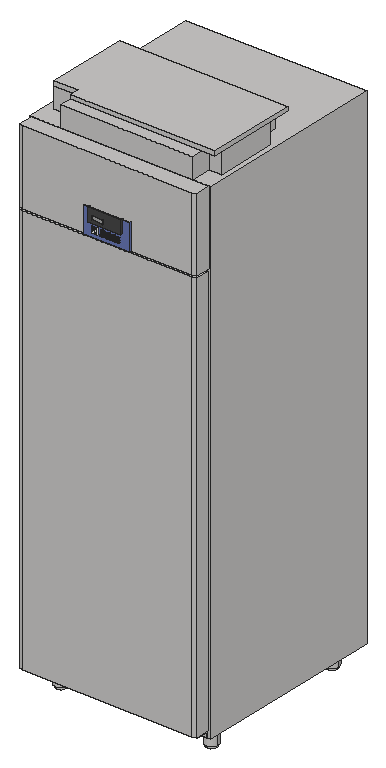
Revit family "QF_ELECTROLUXPROFESSIONAL_727721_TC671DJ2", category Attrezzature speciali, Revit 2021
Family settings
  Quota connettore circolare = Usa diametro
  Tipo di parte = Normale
  Basato su piano di lavoro = No
  Sempre verticale = Sì
  Taglio con vuoti quando caricato = No
  Condiviso = No
  Punto di calcolo locali = No
Parameters (values of type "Standard")
  Weight = 168.00 kg
  Watts = 1730 W
  Volts = 100 V
  URL Manufacturer = "https://www.electroluxprofessional.com/"
  URL = "https://www.electroluxprofessional.com/"
  Steam Supply Size = 0 mm
  Steam Supply Minimum Pressure = 0.0 Pa
  Steam Supply Maximum Pressure = 0.0 Pa
  Steam Consumption per Hour = 0
  Refrigeration Suction Line Size = 0 mm
  Refrigeration Liquid Line Size = 0 mm
  Refrigerant Compressor Remote = yes
  Prospetto di default = 0 mm
  Produttore = "Electrolux Professional"
  Phase = 1
  Modello = "TC671DJ2"
  Length Actual = 710 mm  # constant formula
  Item Number = "727721"
  Hot Water Size = 0 mm
  Height Actual = 2114 mm  # constant formula
  HP = "2.3 HP"
  Gas Size = 0 mm
  Gas KW = 0
  Gas Input Pressure = 0 W
  Direct Waste Size = 12.7 mm
  Descrizione = "1-DOOR THAWING CABINET 670L (KFC JAPAN) – ON FEET"
  Depth Actual = 835 mm  # constant formula
  Cycle = 50 Hz
  Condensate Return Size = 0 mm
  Compressed Air Volume = 0.0 L/s
  Compressed Air Size = 0 mm
  Compressed Air Pressure = 0.0 Pa
  Cold Water Size = 0 mm
  Accessory = yes
Reference planes
  plane 1 "Center (Front/Back)": y = 0
  plane 2: z = 0
  plane 3 "Center (Left/Right)": x = 0
  plane 4 "BASE": z = 77
  plane 5 "TOP": z = 2114
  plane 6 "FRONT": y = -417.5
  plane 7 "BACK": y = 417.5
  plane 8 "LEFT": x = -355
  plane 9 "RIGHT": x = 355
  plane 10: x = -278
  plane 11: y = 345.5
  plane 12: y = -268.5
  plane 13: x = 278
  plane 14 "DrainY": y = -254.5
  plane 15: y = -1062.5
  plane 16: x = -295
  plane 17: x = 295
  plane 18: z = 2019
Forms (mm)
  Extrusion 1, solid, material "QF_Finishes_Stainless Steel"
    sketch origin (0, 0, 77) x (-1, 0, 0) y (0, -1, 0)
      loop
        line (355, -417.5) -> (355, 345.5) -> (-355, 345.5) -> (-355, -417.5) -> (355, -417.5)
    from 0 to 1940
  Extrusion 2, solid
    sketch origin (0, 417.5, 1660) x (-1, 0, 0) y (0, 0, 1)
      loop
        circle (339, 188.035) r 10
    from 0 to 3.2
  Extrusion 3, solid, material "QF_Door-Drawer Clearances", detail levels coarse
    sketch origin (0, 0, 77) x (-1, 0, 0) y (0, -1, 0)
      loop
        line (-345, 409.5) -> (-283, 409.5) -> (-283, 1006.5) -> (-301, 1006.5) -> (-301, 1024.5) -> (-323, 1024.5) -> (-323, 1062.5) -> (-345, 1062.5) -> (-345, 409.5)
    from 1642.965 to 28
  Extrusion 4, solid, material "QF_Door-Drawer Clearances", detail levels coarse
    sketch origin (0, 0, 77) x (-1, 0, 0) y (0, -1, 0)
      loop
        line (-283, 409.5) -> (347, 409.5)
        arc (347, 409.5) -> (150.684, 878.295) -> (-323, 1062.5) r 650
        line (-323, 1062.5) -> (-323, 1024.5) -> (-301, 1024.5) -> (-301, 1006.5) -> (-283, 1006.5) -> (-283, 409.5)
    from 1642.965 to 28
  Extrusion 5, solid, material "QF_Clearances", detail levels coarse
    sketch origin (0, 0, 77) x (-1, 0, 0) y (0, -1, 0)
      loop
        line (355, 417.5) -> (355, -417.5) -> (-355, -417.5) -> (-355, 417.5) -> (-405, 417.5) -> (-405, -467.5) -> (405, -467.5) -> (405, 417.5) -> (355, 417.5)
    from -77 to 1940
  Extrusion 6, void
    sketch origin (0, 417.5, 0) x (-1, 0, 0) y (0, 0, 1)
      loop
        line (280, 1674) -> (-280, 1674) -> (-280, 147) -> (0, 137) -> (280, 146.676) -> (280, 1674)
    from -56 to -763
  Extrusion 7, solid, material "QF_Finishes_Stainless Steel"
    sketch origin (0, 0, 77) x (-1, 0, 0) y (0, -1, 0)
      loop
        circle (0, 254.5) r 7.938
    from 0 to -10
  Extrusion 8, solid, material "QF_Clearances", detail levels coarse
    sketch origin (0, 0, 77) x (-1, 0, 0) y (0, -1, 0)
      loop
        line (405, 417.5) -> (-405, 417.5) -> (-405, -467.5) -> (405, -467.5) -> (405, 417.5)
    from 2240 to 1940
  Extrusion 9, solid, material "QF_Finishes_Stainless Steel"
    sketch origin (0, 0, 2114) x (-1, 0, 0) y (0, -1, 0)
      loop
        line (325, -57.047) -> (325, 265.5) -> (232.757, 265.5) -> (232.757, 299.5) -> (-332.243, 299.5) -> (-332.243, -57.047) -> (325, -57.047)
    from -16.392 to 0
  Extrusion 10, solid, material "QF_Finishes_Stainless Steel"
    sketch origin (0, 0, 2114) x (-1, 0, 0) y (0, -1, 0)
      loop
        line (325, 30) -> (325, 265.5) -> (-332.243, 265.5) -> (-332.243, 30) -> (325, 30)
    from -97 to -16.392
  Extrusion 11, solid, material "QF_Finishes_Stainless Steel"
    sketch origin (0, 0, 2114) x (-1, 0, 0) y (0, -1, 0)
      loop
        line (232.757, -57.047) -> (232.757, 345.5) -> (-283, 345.5) -> (-283, -57.047) -> (232.757, -57.047)
    from -97 to -16.392
Cuts and joins
  Extrusion 6 cuts Extrusion 1
  joined: Extrusion 10, Extrusion 11
Lines and regions (mm)
  symbolic lines, style "SpecialityEquipmentHiddenLines"
    curve 1: line (345, -409.5, 77) -> (345, -1062.5, 77)
    curve 2: line (345, -1062.5, 77) -> (323, -1062.5, 77)
    curve 3: line (283, -409.5, 77) -> (283, -1006.5, 77)
    curve 4: line (323, -1062.5, 77) -> (323, -1024.5, 77)
    curve 5: line (323, -1024.5, 77) -> (301, -1024.5, 77)
    curve 6: line (301, -1024.5, 77) -> (301, -1006.5, 77)
    curve 7: line (301, -1006.5, 77) -> (283, -1006.5, 77)
    curve 8: arc (-347, -409.5, 77) -> (-150.684, -878.295, 77) -> (323, -1062.5, 77) r 650
  symbolic lines, style "QF_Clearances", detail levels coarse
    curve 9: line (-355, -417.5, 2114) -> (-405, -417.5, 2114)
    curve 10: line (-405, -417.5, 2114) -> (-405, 467.5, 2114)
    curve 11: line (-405, 467.5, 2114) -> (405, 467.5, 2114)
    curve 12: line (405, 467.5, 2114) -> (405, -417.5, 2114)
    curve 13: line (405, -417.5, 2114) -> (355, -417.5, 2114)
  symbolic lines
    curve 14: line (355, 417.5, 77) -> (-355, 417.5, 77)
    curve 15: line (355, -299.5, 77) -> (355, 417.5, 77)
    curve 16: line (-355, -299.5, 77) -> (355, -299.5, 77)
    curve 17: line (-355, 417.5, 77) -> (-355, -299.5, 77)
    curve 18: line (-355, -299.5, 0) -> (355, 417.5, 0)
Dimensions and locks
  equal spacing: plane 7 "BACK", plane 1 "Center (Front/Back)", plane 6 "FRONT"
  equal spacing: plane 8 "LEFT", plane 3 "Center (Left/Right)", plane 9 "RIGHT"
  plane 8 "LEFT" to plane 9 "RIGHT" = 710 mm
  plane 7 "BACK" to plane 6 "FRONT" = 835 mm
  plane 5 "TOP" to plane 2 = 2114 mm
  Extrusion 8 to Extrusion 8 = 300 mm
  plane 8 "LEFT" to plane 10 = 77 mm  (x2)
  plane 7 "BACK" to plane 11 = 72 mm
  plane 11 to plane 12 = 614 mm
  plane 13 to plane 9 "RIGHT" = 77 mm
  plane 9 "RIGHT" to plane 13 = 77 mm
  plane 7 "BACK" to plane 11 to plane 12 = 72 mm, 614 mm
  plane 14 "DrainY" to plane 6 "FRONT" = 163 mm
  plane 7 "BACK" to plane 15 = 1480 mm
  plane 4 "BASE" to level = 77 mm
  plane 8 "LEFT" to plane 16 = 60 mm
  plane 17 to plane 9 "RIGHT" = 60 mm
  plane 18 to level = 2019 mm
  aligned and locked: level to plane 2
  aligned and locked: nested 2 to plane 11
  aligned and locked: nested 3 to plane 11
Automatic sketch dimensions
  curve 13 to plane 6 "FRONT" = 0 mm
  curve 13 to plane 9 "RIGHT" = 0 mm
  curve 9 to plane 6 "FRONT" = 0 mm
  curve 9 to plane 8 "LEFT" = 0 mm
  curve 11 to plane 9 "RIGHT" = 50 mm
  curve 9 to curve 10 = 50 mm
  plane 7 "BACK" to curve 11 = 50 mm
  Extrusion 1 sketch curve to plane 7 "BACK" = 0 mm
  Extrusion 1 sketch curve to plane 9 "RIGHT" = 0 mm
  Extrusion 1 sketch curve to plane 8 "LEFT" = 0 mm
  Extrusion 1 sketch curve to plane 12 = 77 mm
  curve 15 to plane 7 "BACK" = 0 mm
  curve 15 to plane 9 "RIGHT" = 0 mm
  curve 2 to plane 15 = 0 mm
  curve 16 to plane 8 "LEFT" = 0 mm
  plane 9 "RIGHT" to curve 2 = 10 mm
  plane 17 to curve 5 = 28 mm
  plane 17 to curve 8 = 7.992 mm
  plane 17 to curve 6 = 6 mm
  plane 13 to curve 7 = 5 mm
  curve 17 to plane 12 = 31 mm
  plane 6 "FRONT" to curve 8 = 4.692 mm
  plane 15 to curve 7 = 56 mm
  curve 6 to curve 6 = 18 mm
  plane 6 "FRONT" to curve 8 = 8 mm
  plane 6 "FRONT" to curve 3 = 8 mm
  plane 6 "FRONT" to curve 1 = 8 mm
  plane 8 "LEFT" to Extrusion 2 sketch curve = 16 mm
  Extrusion 2 sketch curve to plane 18 = 170.965 mm
  Extrusion 3 sketch curve to plane 15 = 0 mm
  plane 9 "RIGHT" to Extrusion 3 sketch curve = 10 mm
  plane 17 to Extrusion 3 sketch curve = 28 mm
  plane 17 to Extrusion 3 sketch curve = 6 mm
  plane 13 to Extrusion 3 sketch curve = 5 mm
  plane 15 to Extrusion 3 sketch curve = 38 mm
  Extrusion 3 sketch curve to Extrusion 3 sketch curve = 18 mm
  plane 6 "FRONT" to Extrusion 3 sketch curve = 8 mm
  Extrusion 4 sketch curve to plane 15 = 0 mm
  plane 17 to Extrusion 4 sketch curve = 28 mm
  plane 6 "FRONT" to Extrusion 4 sketch curve = 4.692 mm
  plane 17 to Extrusion 4 sketch curve = 7.992 mm
  plane 17 to Extrusion 4 sketch curve = 6 mm
  plane 13 to Extrusion 4 sketch curve = 5 mm
  plane 6 "FRONT" to Extrusion 4 sketch curve = 8 mm
  plane 15 to Extrusion 4 sketch curve = 56 mm
  Extrusion 4 sketch curve to Extrusion 4 sketch curve = 18 mm
  Extrusion 5 sketch curve to plane 6 "FRONT" = 0 mm  (x2)
  Extrusion 5 sketch curve to plane 7 "BACK" = 0 mm
  Extrusion 5 sketch curve to plane 9 "RIGHT" = 0 mm
  Extrusion 5 sketch curve to plane 8 "LEFT" = 0 mm
  Extrusion 5 sketch curve to plane 9 "RIGHT" = 50 mm
  Extrusion 5 sketch curve to Extrusion 5 sketch curve = 50 mm
  plane 7 "BACK" to Extrusion 5 sketch curve = 50 mm
  Extrusion 6 sketch curve to plane 3 "Center (Left/Right)" = 0 mm
  plane 13 to Extrusion 6 sketch curve = 2 mm
  plane 10 to Extrusion 6 sketch curve = 2 mm
  plane 4 "BASE" to Extrusion 6 sketch curve = 60 mm
  plane 4 "BASE" to Extrusion 6 sketch curve = 69.676 mm
  plane 4 "BASE" to Extrusion 6 sketch curve = 70 mm
  Extrusion 6 sketch curve to plane 18 = 345 mm
  Extrusion 7 sketch curve to plane 3 "Center (Left/Right)" = 0 mm
  Extrusion 7 sketch curve to plane 14 "DrainY" = 0 mm
  Extrusion 8 sketch curve to plane 6 "FRONT" = 0 mm
  Extrusion 8 sketch curve to plane 9 "RIGHT" = 50 mm
  Extrusion 8 sketch curve to plane 8 "LEFT" = 50 mm
  plane 7 "BACK" to Extrusion 8 sketch curve = 50 mm
  plane 9 "RIGHT" to Extrusion 9 sketch curve = 22.757 mm
  Extrusion 9 sketch curve to plane 10 = 45.243 mm
  plane 8 "LEFT" to Extrusion 9 sketch curve = 30 mm
  Extrusion 9 sketch curve to plane 1 "Center (Front/Back)" = 57.047 mm
  Extrusion 9 sketch curve to plane 14 "DrainY" = 11 mm
  Extrusion 9 sketch curve to plane 12 = 31 mm
  plane 9 "RIGHT" to Extrusion 10 sketch curve = 22.757 mm
  plane 8 "LEFT" to Extrusion 10 sketch curve = 30 mm
  plane 1 "Center (Front/Back)" to Extrusion 10 sketch curve = 30 mm
  Extrusion 10 sketch curve to plane 14 "DrainY" = 11 mm
  plane 9 "RIGHT" to Extrusion 11 sketch curve = 72 mm
  plane 8 "LEFT" to Extrusion 11 sketch curve = 122.243 mm
  Extrusion 11 sketch curve to plane 1 "Center (Front/Back)" = 57.047 mm
  Extrusion 11 sketch curve to plane 14 "DrainY" = 91 mm
  curve 18 to plane 8 "LEFT" = 0 mm
  curve 18 to plane 7 "BACK" = 0 mm
  curve 18 to plane 9 "RIGHT" = 0 mm
  curve 18 to plane 12 = 31 mm
  radius of Extrusion 2 sketch curve = 10 mm
  radius of Extrusion 7 sketch curve = 7.938 mm
Nested families
  nested 1: "QF_727721_Door" at (0, -345.5, 935.365) x (1, 0, 0) z (0, -1, 0), type "QF_727721_Door"
    with Show Clearance yes
  nested 2: "FEET_77" at (-278, 355.342, 0), type "FEET_77"
    with Type Mark "", Status "", Specification by User "", Revision Code "", Item Number "", Installed By "", Identify Quantity as Lot yes, Furnished By "", Foodservice Equipment Identifier yes
  nested 3: "FEET_77" at (278, 355.342, 0), type "FEET_77"
    with Type Mark "", Status "", Specification by User "", Revision Code "", Item Number "", Installed By "", Identify Quantity as Lot yes, Furnished By "", Foodservice Equipment Identifier yes
  nested 4: "FEET_77" at (-295, -258.658, 0), type "FEET_77"
    with Type Mark "", Status "", Specification by User "", Revision Code "", Item Number "", Installed By "", Identify Quantity as Lot yes, Furnished By "", Foodservice Equipment Identifier yes
  nested 5: "FEET_77" at (295, -258.658, 0), type "FEET_77"
    with Type Mark "", Status "", Specification by User "", Revision Code "", Item Number "", Installed By "", Identify Quantity as Lot yes, Furnished By "", Foodservice Equipment Identifier yes
Connectors
  electrical at (-339, 420.7, 1848.035), driven by "Volts"
    settings: on Extrusion 2, index 2, voltage 100 V, apparent load 0 VA, apparent load phase1 0 VA, apparent load phase2 0 VA, apparent load phase3 0 VA, power factor 1, load classification "Other", number of poles 1, system type 30, power factor state 1, is connector primary yes, connector utility no, sub classification motor no, connector description "Electrical Connection"
  piping at (0, -254.5, 67), diameter 12.7, driven by "Direct Waste Size"
    settings: on Extrusion 7, index 3, connector inside diameter 609.6 mm, connector length 0 mm, flow factor 0, pipe flow 0.0 L/s, pressure drop 0.0 Pa, fitting loss kfactor 0, connector angle 0.00°, fixture units 0, engagement length 0 mm, angle of deflection 0.00°, flow configuration 1, flow direction 2, fitting loss method 0, system type 16, joint type 0, gender type 0, connector reference index -1, connector utility 0, adjustable connector no, is connector primary yes, connector description "Drain"
Definition of nested family "QF_727721_Door"
  Parameters
    Show Clearance [instance] = yes
    Model = "725192"
    Default Elevation = 1219.2 mm
  Reference planes
    plane 1 "Center (Front/Back)": y = 0
    plane 2: z = 0
    plane 3 "Center (Left/Right)": x = 0
  Forms (mm)
    Extrusion 1, solid
      sketch origin (0, -919.2, 0) x (1, 0, 0) y (0, 1, 0)
        loop
          line (-460, 2119.2) -> (-460, -162.846) -> (488.967, -162.846) -> (488.967, 2119.2) -> (-460, 2119.2)
      from 0 to -59.546
    Extrusion 2, solid
      sketch origin (0, 0, 0) x (1, 0, 0) y (0, 0, 1)
        loop
          line (-347, 60) -> (-347, 0) -> (347, 0) -> (347, 60) -> (332, 64) -> (-332, 64) -> (-347, 60)
      from -1081.6 to -791.6
    Extrusion 3, solid
      sketch origin (0, 0, 0) x (1, 0, 0) y (0, 0, 1)
        loop
          line (-347, 60) -> (-347, 26) -> (-325, 26) -> (-325, 8) -> (-307, 8) -> (-307, 0) -> (339, 0) -> (339, 8) -> (347, 8) -> (347, 60) -> (332, 64) -> (-332, 64) -> (-347, 60)
      from -784.6 to 830.4
    Extrusion 4, solid
      sketch origin (119, -516.365, 0) x (0, 1, 0) y (0, 0, 1)
        loop
          line (-323.003, 40.312) -> (-316.501, 40.312) -> (-316.501, 42.812) -> (-325.503, 42.812) -> (-325.503, 2.5) -> (-342, 2.5) -> (-342, 0) -> (-323.003, 0) -> (-323.003, 12.259) -> (-323.003, 40.312)
        loop
          line (-314, 38.311) -> (-316.501, 38.311) -> (-316.501, 14.304) -> (-319.752, 14.304) -> (-319.752, 11.804) -> (-314, 11.804) -> (-314, 38.311)
      from 185 to 220
    Extrusion 5, solid
      sketch origin (119, 469.597, 0) x (0, 1, 0) y (0, 0, 1)
        loop
          line (315.003, 27.948) -> (315.003, 2.948) -> (315.003, 0) -> (322.003, 0) -> (322.003, 2.5) -> (317.503, 2.5) -> (317.503, 27.948) -> (315.003, 27.948)
      from 185 to 220
  Lines and regions (mm)
    symbolic lines
      curve 1: line (-332, 0, 64) -> (332, 0, 64)
      curve 2: line (-347, 0, 0) -> (-347, 0, 60)
      curve 3: line (347, 0, 0) -> (-347, 0, 0)
      curve 4: line (347, 0, 60) -> (347, 0, 0)
      curve 5: line (-347, 0, 26) -> (-325, 0, 26)
      curve 6: line (-325, 0, 26) -> (-325, 0, 8)
      curve 7: line (-325, 0, 8) -> (-307, 0, 8)
      curve 8: line (-307, 0, 8) -> (-307, 0, 0)
      curve 9: line (339, 0, 8) -> (347, 0, 8)
      curve 10: line (339, 0, 8) -> (339, 0, 0)
      curve 11: line (-332, 0, 64) -> (-347, 0, 60)
      curve 12: line (332, 0, 64) -> (347, 0, 60)
  Dimensions and locks
    aligned and locked: plane 2 to Extrusion 1
    aligned and locked: level to Extrusion 1
  Nested families
    nested 1: "QF_DisplayCabinets180x100" at (0, 841.6, 64), type "QF_DisplayCabinets180x100"
      with Show Clearance yes
  Definition of nested family "QF_DisplayCabinets180x100"
    Parameters
      Show Clearance [instance] = yes
      Model = ""
      Default Elevation = 0 mm
    Reference planes
      plane 1 "Center (Front/Back)": y = 0
      plane 2: z = 0
      plane 3 "Center (Left/Right)": x = 0
    Forms (mm)
      Extrusion 1, solid
        sketch origin (0, -919.2, 0) x (1, 0, 0) y (0, 1, 0)
          loop
            line (-198.75, 1146.2) -> (-198.75, 709.567) -> (165.741, 709.567) -> (165.741, 1146.2) -> (-198.75, 1146.2)
        from 0 to -59.546
      Extrusion 2, solid
        sketch origin (0, 0, 0) x (1, 0, 0) y (0, 1, 0)
          loop
            line (-90, 50) -> (-90, -50) -> (90, -50) -> (90, 50) -> (60, 50) -> (60, 0) -> (-70, 0) -> (-70, 50) -> (-90, 50)
        from 5.4 to 0
      Extrusion 3, solid
        sketch origin (0, -30, 0) x (1, 0, 0) y (0, 1, 0)
          loop
            line (-70, 80) -> (-70, 30) -> (60, 30) -> (60, 80) -> (-70, 80)
          loop
            line (-56.633, 56.452) -> (-56.633, 39.793) -> (-11.633, 39.793) -> (-11.633, 56.452) -> (-56.633, 56.452)
        from 0 to 8
      Extrusion 4, solid
        sketch origin (0, 0, 0) x (1, 0, 0) y (0, 1, 0)
          loop
            line (-56.633, 26.452) -> (-56.633, 9.793) -> (-11.633, 9.793) -> (-11.633, 26.452) -> (-56.633, 26.452)
        from 0 to 7
      Extrusion 5, solid
        sketch origin (0, 0, 0) x (1, 0, 0) y (0, 1, 0)
          loop
            line (-43.063, -13.359) -> (-43.063, -33.154)
            arc (-43.063, -33.154) -> (-35.746, -23.257) -> (-43.063, -13.359) r 10.352
          loop
            arc (-44.07, -13.359) -> (-52.302, -15.23) -> (-56.268, -22.683) r 10.145
            line (-56.268, -22.683) -> (-52.994, -22.683)
            arc (-52.994, -22.683) -> (-47.143, -20.308) -> (-44.07, -14.793) r 9.509
            line (-44.07, -14.793) -> (-44.07, -13.359)
          loop
            arc (-44.07, -31.721) -> (-47.143, -26.205) -> (-52.994, -23.831) r 9.509
            line (-52.994, -23.831) -> (-56.268, -23.831)
            arc (-56.268, -23.831) -> (-52.309, -31.345) -> (-44.07, -33.408) r 10.411
            line (-44.07, -33.408) -> (-44.07, -31.721)
          loop
            line (-57.02, -12.279) -> (-57.02, -34.279) -> (-34.99, -34.279) -> (-34.99, -12.279) -> (-57.02, -12.279)
        from 5.4 to 7
      Extrusion 6, solid
        sketch origin (0, 0, 0) x (1, 0, 0) y (0, 1, 0)
          loop
            line (-15.272, -12.492) -> (-22.708, -12.492) -> (-22.708, -21.151)
            arc (-22.708, -21.151) -> (-21.729, -23.514) -> (-19.367, -24.492) r 3.341
            line (-19.367, -24.492) -> (-15.128, -24.492) -> (-15.128, -22.55) -> (-18.883, -22.55)
            arc (-18.883, -22.55) -> (-20.117, -22.133) -> (-20.642, -20.941) r 1.615
            line (-20.642, -20.941) -> (-20.642, -19.224) -> (-15.593, -19.224) -> (-15.593, -17.274) -> (-20.642, -17.274) -> (-20.642, -14.436) -> (-15.272, -14.436) -> (-15.272, -12.492)
          loop
            line (-13.66, -12.492) -> (-13.66, -24.492) -> (-11.593, -24.492) -> (-11.593, -12.492) -> (-13.66, -12.492)
          loop
            line (31.232, -12.492) -> (31.232, -24.492) -> (33.3, -24.492) -> (33.3, -12.492) -> (31.232, -12.492)
          loop
            line (-8.175, -20.66) -> (-1.392, -20.66)
            arc (-1.392, -20.66) -> (-2.453, -16.934) -> (-6.081, -15.575) r 4.298
            arc (-6.081, -15.575) -> (-9.277, -17.196) -> (-10.188, -20.66) r 4.373
            arc (-10.188, -20.66) -> (-8.988, -23.558) -> (-6.091, -24.758) r 4.097
            arc (-6.091, -24.758) -> (-3.837, -24.425) -> (-1.946, -23.152) r 5.15
            line (-1.946, -23.152) -> (-3.171, -21.928)
            arc (-3.171, -21.928) -> (-4.778, -22.892) -> (-6.645, -22.73) r 3.039
            arc (-6.645, -22.73) -> (-7.784, -21.972) -> (-8.175, -20.66) r 2.013
          loop
            line (-8.123, -19.207) -> (-3.469, -19.207)
            arc (-3.469, -19.207) -> (-4.122, -17.833) -> (-5.557, -17.326) r 1.983
            arc (-5.557, -17.326) -> (-7.213, -17.758) -> (-8.123, -19.207) r 2.321
          loop
            line (6.665, -18.342) -> (7.963, -17.044)
            arc (7.963, -17.044) -> (6.336, -15.866) -> (4.358, -15.514) r 4.497
            arc (4.358, -15.514) -> (1.341, -16.616) -> (-0.242, -19.411) r 4.652
            arc (-0.242, -19.411) -> (2.426, -24.31) -> (7.89, -23.18) r 4.684
            line (7.89, -23.18) -> (6.599, -21.89)
            arc (6.599, -21.89) -> (3.813, -22.811) -> (1.817, -20.66) r 2.714
            arc (1.817, -20.66) -> (1.956, -18.959) -> (3.127, -17.718) r 2.578
            arc (3.127, -17.718) -> (5.002, -17.432) -> (6.665, -18.342) r 2.961
          loop
            line (9.233, -12.492) -> (9.233, -20.693)
            arc (9.233, -20.693) -> (9.411, -21.923) -> (9.872, -23.078) r 5.301
            arc (9.872, -23.078) -> (11.347, -24.251) -> (13.216, -24.498) r 3.531
            line (13.216, -24.498) -> (13.216, -22.561)
            arc (13.216, -22.561) -> (12.66, -22.519) -> (12.142, -22.313) r 1.862
            arc (12.142, -22.313) -> (11.478, -21.611) -> (11.3, -20.66) r 1.713
            line (11.3, -20.66) -> (11.3, -17.691) -> (13.177, -17.691) -> (13.177, -15.813) -> (11.3, -15.813) -> (11.3, -12.492) -> (9.233, -12.492)
          loop
            arc (16.966, -19.93) -> (17.114, -19.065) -> (17.54, -18.298) r 2.607
            arc (17.54, -18.298) -> (18.779, -17.662) -> (20.17, -17.691) r 2.84
            line (20.17, -17.691) -> (20.17, -15.704)
            arc (20.17, -15.704) -> (18.352, -15.876) -> (16.966, -17.064) r 3.016
            line (16.966, -17.064) -> (16.966, -15.813) -> (14.916, -15.813) -> (14.916, -24.492) -> (16.966, -24.492) -> (16.966, -19.93)
          loop
            circle (25.224, -20.154) r 4.599
          loop
            circle (25.224, -20.154) r 2.787
          loop
            arc (40.755, -20.878) -> (40.245, -22.281) -> (38.861, -22.84) r 1.835
            arc (38.861, -22.84) -> (37.476, -22.281) -> (36.966, -20.878) r 1.835
            line (36.966, -20.878) -> (36.966, -15.813) -> (34.881, -15.813) -> (34.881, -21.05)
            arc (34.881, -21.05) -> (36.067, -23.754) -> (38.861, -24.712) r 3.675
            arc (38.861, -24.712) -> (41.685, -23.725) -> (42.839, -20.965) r 3.675
            line (42.839, -20.965) -> (42.839, -15.813) -> (40.755, -15.813) -> (40.755, -20.878)
          loop
            line (44.088, -15.813) -> (47.09, -19.889) -> (43.792, -24.495) -> (46.014, -24.495) -> (48.203, -21.438) -> (50.424, -24.495) -> (52.632, -24.495) -> (49.381, -19.842) -> (52.354, -15.813) -> (50.097, -15.813) -> (48.196, -18.39) -> (46.324, -15.813) -> (44.088, -15.813)
          loop
            line (-21.545, -29.467) -> (-23.194, -29.467) -> (-23.194, -33.617) -> (-22.292, -33.617) -> (-22.292, -32.188) -> (-21.295, -32.188)
            arc (-21.295, -32.188) -> (-20.179, -30.713) -> (-21.545, -29.467) r 1.372
          loop
            arc (-21.334, -31.373) -> (-20.993, -30.839) -> (-21.334, -30.306) r 0.587
            line (-21.334, -30.306) -> (-22.292, -30.306) -> (-22.292, -31.373) -> (-21.334, -31.373)
          loop
            line (-15.033, -29.467) -> (-16.71, -29.467) -> (-16.71, -33.617) -> (-15.808, -33.617) -> (-15.808, -32.188) -> (-14.935, -32.188) -> (-14.339, -33.617) -> (-13.37, -33.617) -> (-14.186, -31.867)
            arc (-14.186, -31.867) -> (-13.795, -31.4) -> (-13.664, -30.805) r 1.281
            arc (-13.664, -30.805) -> (-14.076, -29.857) -> (-15.033, -29.467) r 1.37
          loop
            line (-15.808, -30.306) -> (-15.808, -31.373) -> (-14.85, -31.373)
            arc (-14.85, -31.373) -> (-14.509, -30.839) -> (-14.85, -30.306) r 0.587
            line (-14.85, -30.306) -> (-15.808, -30.306)
          loop
            circle (-8.072, -31.542) r 2.156
          loop
            circle (-8.072, -31.542) r 1.368
          loop
            line (-2.373, -29.467) -> (-2.373, -33.617) -> (-1.493, -33.617) -> (-1.493, -32.167) -> (0.069, -32.167) -> (0.069, -31.237) -> (-1.493, -31.237) -> (-1.493, -30.361) -> (0.219, -30.361) -> (0.219, -29.467) -> (-2.373, -29.467)
          loop
            line (3.719, -29.467) -> (3.719, -32.269)
            arc (3.719, -32.269) -> (4.101, -33.219) -> (5.046, -33.614) r 1.327
            line (5.046, -33.614) -> (6.385, -33.614) -> (6.385, -32.83) -> (5.126, -32.83)
            arc (5.126, -32.83) -> (4.662, -32.447) -> (4.571, -31.852) r 0.845
            line (4.571, -31.852) -> (6.23, -31.852) -> (6.23, -31.068) -> (4.571, -31.068) -> (4.571, -30.251) -> (6.345, -30.251) -> (6.345, -29.467) -> (3.719, -29.467)
          loop
            arc (18.747, -29.993) -> (18.197, -29.542) -> (17.501, -29.398) r 1.485
            arc (17.501, -29.398) -> (16.858, -29.556) -> (16.329, -29.955) r 1.645
            arc (16.329, -29.955) -> (16.232, -30.897) -> (16.84, -31.624) r 1.217
            arc (16.84, -31.624) -> (17.351, -31.794) -> (17.836, -32.029) r 4.201
            arc (17.836, -32.029) -> (18.142, -32.39) -> (17.931, -32.814) r 0.43
            arc (17.931, -32.814) -> (17.539, -32.906) -> (17.149, -32.807) r 0.846
            arc (17.149, -32.807) -> (16.811, -32.564) -> (16.605, -32.203) r 0.983
            line (16.605, -32.203) -> (15.879, -32.542)
            arc (15.879, -32.542) -> (16.14, -33.046) -> (16.562, -33.427) r 1.595
            arc (16.562, -33.427) -> (17.04, -33.631) -> (17.557, -33.683) r 1.719
            arc (17.557, -33.683) -> (18.196, -33.556) -> (18.772, -33.25) r 2.246
            arc (18.772, -33.25) -> (19.027, -32.573) -> (18.896, -31.863) r 1.349
            arc (18.896, -31.863) -> (18.612, -31.535) -> (18.249, -31.298) r 1.564
            arc (18.249, -31.298) -> (17.79, -31.093) -> (17.32, -30.917) r 8.236
            arc (17.32, -30.917) -> (17.048, -30.494) -> (17.441, -30.181) r 0.375
            arc (17.441, -30.181) -> (17.911, -30.294) -> (18.273, -30.616) r 0.998
            line (18.273, -30.616) -> (18.747, -29.993)
          loop
            line (22.554, -29.467) -> (22.554, -33.614) -> (23.407, -33.614) -> (23.407, -29.467) -> (22.554, -29.467)
          loop
            circle (29.157, -31.541) r 1.29
          loop
            circle (29.157, -31.541) r 2.154
          loop
            line (34.878, -33.614) -> (35.739, -33.614) -> (35.739, -31.007) -> (37.636, -33.614) -> (38.465, -33.614) -> (38.465, -29.467) -> (37.604, -29.467) -> (37.604, -32.154) -> (35.707, -29.467) -> (34.878, -29.467) -> (34.878, -33.614)
          loop
            line (42.765, -33.614) -> (43.169, -32.72) -> (44.703, -32.72) -> (45.106, -33.614) -> (46.023, -33.614) -> (44.271, -29.467) -> (43.471, -29.467) -> (41.849, -33.614) -> (42.765, -33.614)
          loop
            line (44.32, -31.869) -> (43.909, -30.958) -> (43.51, -31.869) -> (44.32, -31.869)
          loop
            line (50.258, -32.83) -> (50.258, -29.467) -> (49.406, -29.467) -> (49.406, -33.614) -> (51.853, -33.614) -> (51.853, -32.83) -> (50.258, -32.83)
          loop
            arc (12.529, -29.993) -> (11.98, -29.542) -> (11.284, -29.398) r 1.485
            arc (11.284, -29.398) -> (10.641, -29.556) -> (10.112, -29.955) r 1.645
            arc (10.112, -29.955) -> (10.014, -30.897) -> (10.622, -31.624) r 1.217
            arc (10.622, -31.624) -> (11.133, -31.794) -> (11.618, -32.029) r 4.201
            arc (11.618, -32.029) -> (11.925, -32.39) -> (11.714, -32.814) r 0.43
            arc (11.714, -32.814) -> (11.322, -32.906) -> (10.931, -32.807) r 0.846
            arc (10.931, -32.807) -> (10.594, -32.564) -> (10.387, -32.203) r 0.983
            line (10.387, -32.203) -> (9.662, -32.542)
            arc (9.662, -32.542) -> (9.923, -33.046) -> (10.345, -33.427) r 1.595
            arc (10.345, -33.427) -> (10.823, -33.631) -> (11.34, -33.683) r 1.719
            arc (11.34, -33.683) -> (11.979, -33.556) -> (12.555, -33.25) r 2.246
            arc (12.555, -33.25) -> (12.809, -32.573) -> (12.678, -31.863) r 1.349
            arc (12.678, -31.863) -> (12.394, -31.535) -> (12.031, -31.298) r 1.564
            arc (12.031, -31.298) -> (11.573, -31.093) -> (11.102, -30.917) r 8.236
            arc (11.102, -30.917) -> (10.83, -30.494) -> (11.223, -30.181) r 0.375
            arc (11.223, -30.181) -> (11.694, -30.294) -> (12.056, -30.616) r 0.998
            line (12.056, -30.616) -> (12.529, -29.993)
        from 5.4 to 7
    Lines and regions (mm)
      symbolic lines
        curve 1: line (52.518, 0, 4) -> (-53.037, 0, 4)
        curve 2: line (40, 0, 4) -> (40, 0, 8)
        curve 3: line (40, 0, 8) -> (-40, 0, 8)
        curve 4: line (-40, 0, 8) -> (-40, 0, 4)
        curve 5: line (-64.765, 0, 0) -> (-53.037, 0, 4)
        curve 6: line (52.518, 0, 4) -> (64.135, 0, 0)
    Dimensions and locks
      aligned and locked: plane 2 to Extrusion 1
      aligned and locked: level to Extrusion 1
Definition of nested family "FEET_77"
  Parameters
    Weight = ""
    URL Manufacturer = ""
    URL Cutsheet = ""
    URL = ""
    Type Mark [instance] = ""
    Status [instance] = ""
    Specification by User [instance] = ""
    Specification by Manufacturer = ""
    Serial Number = ""
    Seismic Rating = ""
    SMACNA No = ""
    Revision Code [instance] = ""
    Default Elevation = 0 mm
    Omniclass Number and Title = ""
    NAFEM Spec ID Number = ""
    Model = ""
    MasterSpec. = ""
    Manufacturer = ""
    Item Number [instance] = ""
    Installed By [instance] = ""
    Identify Quantity as Lot [instance] = yes
    Furnished By [instance] = ""
    Foodservice Equipment Identifier [instance] = yes
    Description = ""
    CSI MasterFormat = ""
    CSI Master Format = ""
    Assembly Code = ""
  Reference planes
    plane 1: z = 0
    plane 2 "RIGHT": x = 0
    plane 3 "Center X": y = -9.842
    plane 4 "TOP": z = 77
  Forms (mm)
    Extrusion 1, solid
      sketch origin (0, 0, 0) x (1, 0, 0) y (0, 1, 0)
        loop
          circle (0, -9.842) r 25
      from 10 to 77
    Extrusion 2, solid
      sketch origin (0, 0, 0) x (1, 0, 0) y (0, 1, 0)
        loop
          circle (0, -9.842) r 20
      from 0 to 10
  Dimensions and locks
    plane 4 "TOP" to level = 77 mm  (x3)
    aligned and locked: level to plane 1
